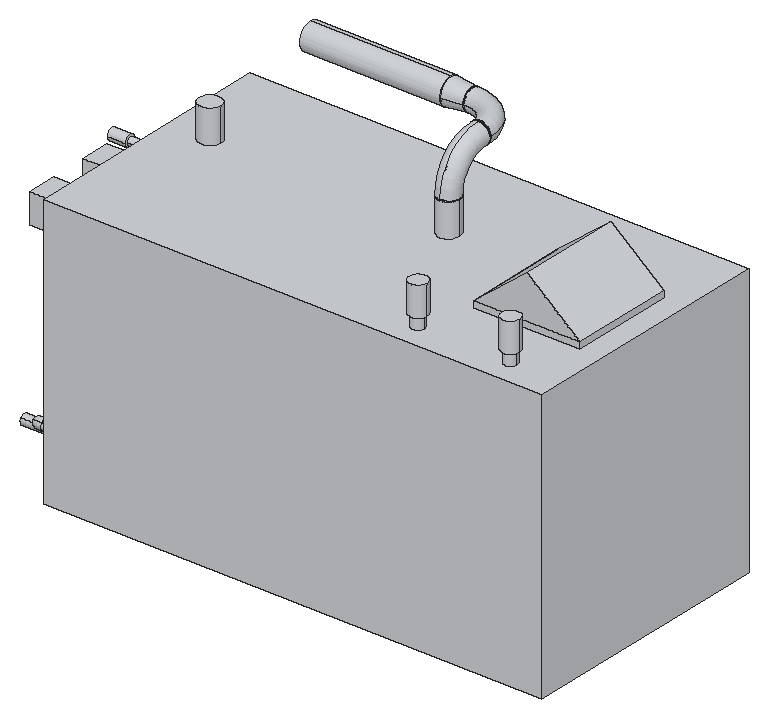
Revit family "AMP_BFIT 2000 Water Heater Dual Fuel 1", category Mechanical Equipment, Revit 2021
Family settings
  Round Connector Dimension = Use Diameter
  Part Type = Normal
  OmniClass Number = 23.75.00.00
  OmniClass Title = Climate Control (HVAC)
  Work Plane-Based = No
  Always vertical = Yes
  Cut with Voids When Loaded = No
  Shared = No
  Room Calculation Point = No
Parameters (values of type "AMP/BFIT 2000 Water Heater Dual Fuel")
  Width = 34 1/4"
  Length = 66 1/8"
  Height = 36 1/8"
  Voltage = ""
  Vent = "8\" EZ Vent"
  Manufacturer = "Bryan Steam"  # constant formula
  Hydronic Supply = "3\" Victaulic"
  Hydronic Return = "2-1/2\" Victaulic"
  Gas Train (Propane) = "1-1/4\" NPT"
  Gas Train (Natural Gas) = "1-1/4\" NPT"
  Default Elevation = 0"
  Condensate Trap = "1\" Pipe"
  Boiler Drain = "3/4\" NPT"
  Air Supply = "8\""
Reference planes (in)
  plane 1 "Center (Front/Back)": y = 0
  plane 2: z = 0
  plane 3 "Center (Left/Right)": x = 0
  plane 4 "Vent": y = 3.75
  plane 5 "Condensate Trap": y = -12
  plane 6 "Supply 2.5" Victualic Elbow Style 10": x = 3.9725
  plane 7 "3" Supply Manifold": z = 45.625
  plane 8 "3" Supply Elbow Victaulic Style 10": y = 14
  plane 9 "Condensate Height": z = 5.75
  plane 10 "Condensate Angle": through (0, -12, 5.75) normal (0, -0.6203, -0.7843)
Forms (in)
  Extrusion 1, solid
    sketch origin (0, 0, 0) x (1, 0, 0) y (0, 1, 0)
      loop
        line (-33.0625, 17.125) -> (-33.0625, -17.125) -> (33.0625, -17.125) -> (33.0625, 17.125) -> (-33.0625, 17.125)
    from 0 to 36.125
  Extrusion 2, solid
    sketch origin (0, 0, 36.125) x (1, 0, 0) y (0, 1, 0)
      loop
        line (15.9665, 6.875) -> (15.9665, -7.125) -> (30.0625, -7.125) -> (30.0625, 6.875) -> (15.9665, 6.875)
    from 0 to 0.85156
  Extrusion 3, solid
    sketch origin (30.0625, -7.125, 36.125) x (-1, 0, 0) y (0, 0, -1)
      loop
        line (14.096, -0.85156) -> (0, -0.85156) -> (7.048, -6.57727) -> (14.096, -0.85156)
    from 0 to -14
  Extrusion 4, solid
    sketch origin (0, 0, 36.125) x (1, 0, 0) y (0, 1, 0)
      loop
        circle (-27.6875, 3.75) r 1.4375
      loop
        circle (3.9725, 3.75) r 1.4375
    from 0 to 4.375
  Extrusion 5, solid
    sketch origin (-33.0625, -17.125, 0) x (0, 1, 0) y (0, 0, -1)
      loop
        circle (28.125, -11.125) r 3.9375
      loop
        circle (28.125, -11.125) r 3.71875
    from 0 to 6.25
  SweptBlend 6, solid
    path origin (0, 0, 45.625) x (1, 0, 0) y (0, 1, 0)
      loop
        line (-1.1525, 12.75286) -> (-3.9525, 12.75286)
    profile origin (-1.1525, 12.75286, 45.625) x (0, -1, 0) y (0, 0, 1)
      loop
        circle (-1.24714, 0) r 1.42969
    end profile origin (-3.9525, 12.75286, 45.625) x (0, -1, 0) y (0, 0, 1)
      loop
        circle (-1.24714, 0) r 1.75
  Extrusion 7, solid
    sketch origin (-3.9525, 14, 45.625) x (0, 0, -1) y (0, -1, 0)
      loop
        circle (0, -0.00256) r 1.75249
    from 0 to 18.60938
  Extrusion 8, solid
    sketch origin (-33.0625, -17.125, 0) x (0, 1, 0) y (0, 0, -1)
      loop
        line (13.595, -35.9375) -> (13.595, -31.9375) -> (9.595, -31.9375) -> (9.595, -35.9375) -> (13.595, -35.9375)
      loop
        line (4.72, -35.937) -> (4.72, -31.937) -> (0.72, -31.937) -> (0.72, -35.937) -> (4.72, -35.937)
    from 0 to 2.48047
  Revolve 9, solid
    sketch origin (0, 3.75, 0) x (-1, 0, 0) y (0, 0, 1)
      loop
        line (41.5625, 25) -> (41.35211, 29.01449) -> (31.61547, 28.50422) -> (31.82586, 24.48972) -> (41.5625, 25)
      axis (31.82586, 24.48972) -> (41.5625, 25)
    angle from 0 to 360
  Extrusion 10, solid
    sketch origin (-33.0625, -17.125, 0) x (0, 1, 0) y (0, 0, -1)
      loop
        circle (20.875, -32.125) r 0.525
    from 0 to 5.25
  Extrusion 11, solid
    sketch origin (0, 0, 36.125) x (1, 0, 0) y (0, 1, 0)
      loop
        circle (13.9375, -13.75) r 0.83
      loop
        circle (26.1875, -13.75) r 0.83
    from 0 to 1.625
  Extrusion 12, solid
    sketch origin (0, 0, 37.75) x (1, 0, 0) y (0, 1, 0)
      loop
        circle (13.9375, -13.75) r 1.1875
      loop
        circle (26.1875, -13.75) r 1.1875
    from 0 to 3.875
  Extrusion 13, solid
    sketch origin (-38.3125, -17.125, 0) x (0, 1, 0) y (0, 0, -1)
      loop
        circle (20.875, -32.125) r 0.75
    from 0 to 2.375
  Sweep 14, solid
    path origin (3.9725, 0, 0) x (0, 1, 0) y (0, 0, 1)
      loop
        line (3.75, 40.5) -> (3.75, 40.625)
        arc (3.75, 40.625) -> (5.21447, 44.16053) -> (8.75, 45.625) r 5
        line (8.75, 45.625) -> (8.875, 45.625)
    profile origin (3.9725, 5.21447, 44.16053) x (0, -0.707107, 0.707107) y (1, 0, 0)
      loop
        circle (0, 0) r 1.4375
  Sweep 15, solid
    path origin (0, 0, 45.625) x (1, 0, 0) y (0, 1, 0)
      loop
        line (3.9725, 8.875) -> (3.9725, 9)
        arc (3.9725, 9) -> (2.50803, 12.53553) -> (-1.0275, 14) r 5
        line (-1.0275, 14) -> (-1.1525, 14)
    profile origin (3.9725, 8.9375, 45.625) x (-1, 0, 0) y (0, 0, 1)
      loop
        circle (0, 0) r 1.4375
  Sweep 16, solid
    path origin (0, -4.18675, -0.4294) x (0, -0.784343, 0.620327) y (-1, 0, 0)
      loop
        line (9.96983, 33.0625) -> (9.96983, 37)
        arc (9.96983, 37) -> (9.53049, 38.06066) -> (8.46983, 38.5) r 1.5
        line (8.46983, 38.5) -> (5.59483, 38.5)
        arc (5.59483, 38.5) -> (4.53416, 38.93934) -> (4.09483, 40) r 1.5
        line (4.09483, 40) -> (4.09483, 43.4375)
    profile origin (-35.03125, -12.00651, 5.75515) x (0, 0.784343, -0.620327) y (0, -0.620327, -0.784343)
      loop
        circle (0, 0) r 0.6575
  Extrusion 17, solid
    sketch origin (-33.0625, -17.125, 0) x (0, 1, 0) y (0, 0, -1)
      loop
        line (33.9375, -16.9375) -> (33.9375, -5.3125) -> (22.3125, -5.3125) -> (22.3125, -16.9375) -> (33.9375, -16.9375)
    from 0 to 4.625
Dimensions and locks (in)
  "Height": Extrusion 1 to level
  equal spacing: Extrusion 1 sketch curve, plane 3 "Center (Left/Right)", Extrusion 1 sketch curve
  "Length": Extrusion 1 sketch curve to Extrusion 1 sketch curve
  equal spacing: Extrusion 1 sketch curve, plane 1 "Center (Front/Back)", Extrusion 1 sketch curve
  "Width": Extrusion 1 sketch curve to Extrusion 1 sketch curve
  locked: Extrusion 2 sketch curve to Extrusion 1 at 3
  locked: Extrusion 2 sketch curve to Extrusion 2 sketch curve at 14.096
  locked: Extrusion 2 sketch curve to Extrusion 2 sketch curve at 14
  locked: Extrusion 2 sketch curve to Extrusion 1 at 10
  locked: Extrusion 1 to Extrusion 4 sketch curve at 13.375  (x2)
  locked: Extrusion 1 to Extrusion 5 sketch curve at 11.125  (x2)
  locked: Extrusion 1 to Extrusion 5 sketch curve at 6.125
  locked: level to plane 7 "3" Supply Manifold" at 45.625
  locked: SweptBlend 6 sketch curve to SweptBlend 6 sketch curve at 2.8
  plane 3 "Center (Left/Right)" to plane 6 "Supply 2.5" Victualic Elbow Style 10" = 3.9725"
  locked: plane 8 "3" Supply Elbow Victaulic Style 10" to plane 1 "Center (Front/Back)" at 14
  locked: plane 4 "Vent" to plane 1 "Center (Front/Back)" at 3.75
  locked: plane 5 "Condensate Trap" to plane 1 "Center (Front/Back)" at 12
  locked: Extrusion 8 sketch curve to Extrusion 8 sketch curve at 4  (x4)
  locked: Revolve 9 sketch curve to Revolve 9 sketch curve at 4.02
  Extrusion 1 to Extrusion 10 sketch curve = 13 3/8"
  Extrusion 1 to Extrusion 10 sketch curve = 32 1/8"
  locked: Extrusion 1 to Extrusion 4 sketch curve at 5.375
  Extrusion 1 to Extrusion 11 sketch curve = 3 3/8"
  locked: Extrusion 11 sketch curve to Extrusion 1 at 19.125
  locked: Extrusion 12 sketch curve to Extrusion 1 at 19.125
  locked: Extrusion 1 to Extrusion 12 sketch curve at 3.375  (x2)
  locked: Extrusion 1 to Extrusion 13 sketch curve at 4
  locked: Extrusion 1 to Extrusion 13 sketch curve at 13.375
  locked: Extrusion 1 to SweptBlend 6 sketch curve at 3.125  (x2)
  locked: SweptBlend 6 sketch curve to Extrusion 1 at 9.5  (x2)
  locked: Sweep 14 sketch curve to Extrusion 4 at 0.125
  locked: Sweep 14 sketch curve to Extrusion 1 at 8.375
  locked: Sweep 14 sketch curve to Sweep 14 sketch curve at 0.125
  locked: Sweep 15 sketch curve to Sweep 15 sketch curve at 0.125  (x2)
  locked: SweptBlend 6 to Sweep 15 sketch curve
  locked: Sweep 15 sketch curve to Sweep 14 at 0
  locked: Extrusion 1 to Extrusion 11 sketch curve at 3.375
  locked: Extrusion 11 sketch curve to Extrusion 1 at 6.875
  locked: Extrusion 12 sketch curve to Extrusion 1 at 6.875
  locked: plane 9 "Condensate Height" to level at 5.75
  locked: Sweep 16 sketch curve to Extrusion 1 at 5.4375
  locked: Sweep 16 sketch curve to Extrusion 1 at 10.375
  locked: Sweep 16 sketch curve to Sweep 16 sketch curve at 5.875
  locked: Extrusion 17 sketch curve to Extrusion 17 sketch curve at 11.625  (x2)
  locked: Extrusion 17 sketch curve to Extrusion 1 at 5.3125
  locked: Extrusion 1 to Extrusion 17 sketch curve at 0.3125
  diameter of Extrusion 5 sketch curve = 7 7/16"
  diameter of Extrusion 5 sketch curve = 7 7/8"
  diameter of Extrusion 13 sketch curve = 1 1/2"
  diameter of Sweep 14 sketch curve = 10"
  diameter of Sweep 14 sketch curve = 2 7/8"
  diameter of Sweep 15 sketch curve = 10"
  diameter of Sweep 15 sketch curve = 2 7/8"
  diameter of Extrusion 11 sketch curve = 1.66"  (x2)
  diameter of Extrusion 12 sketch curve = 2 3/8"  (x2)
  diameter of Sweep 16 sketch curve = 1.315"
  locked: plane 9 "Condensate Height" to plane 10 "Condensate Angle" (angle 38.34°)
  aligned and locked: level to plane 2
Automatic sketch dimensions
  Extrusion 3 sketch curve to Extrusion 2 = 0"  (x3)
  Extrusion 3 sketch curve to Extrusion 2 = 7.048"
  Extrusion 3 sketch curve to Extrusion 2 = 5.72571"
  Extrusion 5 sketch curve to Extrusion 5 sketch curve = 0"
  plane 4 "Vent" to SweptBlend 6 sketch curve = 9.00286"
  Revolve 9 sketch curve to Revolve 9 sketch curve = 5.78139"
  Revolve 9 sketch curve to Revolve 9 sketch curve = 4.32851"
  Revolve 9 sketch curve to Revolve 9 sketch curve = 0.21039"
  Revolve 9 sketch curve to Revolve 9 sketch curve = 0"  (x2)
  Extrusion 4 sketch curve to Extrusion 1 = 29.09"
  Extrusion 1 to Extrusion 8 sketch curve = 0.188"
  Extrusion 8 sketch curve to Extrusion 1 = 0.72"
  Extrusion 1 to Extrusion 8 sketch curve = 3/16"
  Extrusion 8 sketch curve to Extrusion 8 sketch curve = 4 7/8"
  Revolve 9 sketch curve to plane 3 "Center (Left/Right)" = 31.61547"
  Revolve 9 sketch curve to plane 7 "3" Supply Manifold" = 16.61051"
  Revolve 9 sketch curve to Revolve 9 sketch curve = 9.73664"
  SweptBlend 6 sketch curve to plane 3 "Center (Left/Right)" = 3.9525"
  Sweep 14 sketch curve to Sweep 14 sketch curve = 1/8"
  Sweep 14 sketch curve to plane 6 "Supply 2.5" Victualic Elbow Style 10" = 0"
  Sweep 14 sketch curve to profile plane = 0"
  Sweep 15 sketch curve to plane 7 "3" Supply Manifold" = 0"
  Sweep 15 sketch curve to profile plane = 0"
  Sweep 16 sketch curve to plane 3 "Center (Left/Right)" = 40"
  Sweep 16 sketch curve to Sweep 16 sketch curve = 2 7/8"
  Sweep 16 sketch curve to Sweep 16 sketch curve = 3 15/16"
  plane 10 "Condensate Angle" to Sweep 16 sketch curve = 0"
  Sweep 16 sketch curve to profile plane = 0"
  radius of Extrusion 7 sketch curve = 1.75249"
  radius of SweptBlend 6 sketch curve = 1 55/128"
  radius of SweptBlend 6 sketch curve = 1 3/4"
  radius of Extrusion 4 sketch curve = 1 7/16"  (x2)
  radius of Extrusion 10 sketch curve = 0.525"
Connectors (in)
  piping at (-27.6875, 3.75, 40.5), diameter 2.5
    settings: on Extrusion 4, index 2, connector inside diameter 24", connector length 0", flow factor 0, pipe flow 0 GPM, pressure drop 0.00 psi, fitting loss kfactor 0, connector angle 0.00°, fixture units 0, engagement length 0", angle of deflection 0.00°, flow configuration 0, flow direction 1, fitting loss method 0, system type 8, joint type 0, gender type 0, connector reference index -1, connector utility 0, adjustable connector no, is connector primary yes, connector description ""
  piping at (-39.3125, 11, 11.125), diameter 8
    settings: on Extrusion 5, index 4, connector inside diameter 24", connector length 0", flow factor 0, pipe flow 0 GPM, pressure drop 0.00 psi, fitting loss kfactor 0, connector angle 0.00°, fixture units 0, engagement length 0", angle of deflection 0.00°, flow configuration 0, flow direction 1, fitting loss method 0, system type 22, joint type 0, gender type 0, connector reference index -1, connector utility 0, adjustable connector no, is connector primary no, connector description ""
  piping at (-41.5625, 3.75, 25), diameter 8
    settings: on Revolve 9, index 5, connector inside diameter 24", connector length 0", flow factor 0, pipe flow 0 GPM, pressure drop 0.00 psi, fitting loss kfactor 0, connector angle 0.00°, fixture units 0, engagement length 0", angle of deflection 0.00°, flow configuration 0, flow direction 2, fitting loss method 0, system type 17, joint type 0, gender type 0, connector reference index -1, connector utility 0, adjustable connector no, is connector primary no, connector description ""
  piping at (-22.56187, 14.00256, 45.625), diameter 3
    settings: on Extrusion 7, index 8, connector inside diameter 24", connector length 0", flow factor 0, pipe flow 0 GPM, pressure drop 0.00 psi, fitting loss kfactor 0, connector angle 0.00°, fixture units 0, engagement length 0", angle of deflection 0.00°, flow configuration 0, flow direction 2, fitting loss method 0, system type 7, joint type 0, gender type 0, connector reference index -1, connector utility 0, adjustable connector no, is connector primary no, connector description ""
  piping at (13.9375, -13.75, 41.625), diameter 1.25
    settings: on Extrusion 12, index 10, connector inside diameter 24", connector length 0", flow factor 0, pipe flow 0 GPM, pressure drop 0.00 psi, fitting loss kfactor 0, connector angle 0.00°, fixture units 0, engagement length 0", angle of deflection 0.00°, flow configuration 0, flow direction 1, fitting loss method 0, system type 22, joint type 0, gender type 0, connector reference index -1, connector utility 0, adjustable connector no, is connector primary no, connector description ""
  piping at (-40.6875, 3.75, 32.125), diameter 0.75
    settings: on Extrusion 13, index 11, connector inside diameter 24", connector length 0", flow factor 0, pipe flow 0 GPM, pressure drop 0.00 psi, fitting loss kfactor 0, connector angle 0.00°, fixture units 0, engagement length 0", angle of deflection 0.00°, flow configuration 0, flow direction 2, fitting loss method 0, system type 22, joint type 0, gender type 0, connector reference index -1, connector utility 0, adjustable connector no, is connector primary no, connector description ""
  piping at (26.1875, -13.75, 41.625), diameter 1.25
    settings: on Extrusion 12, index 12, connector inside diameter 24", connector length 0", flow factor 0, pipe flow 0 GPM, pressure drop 0.00 psi, fitting loss kfactor 0, connector angle 0.00°, fixture units 0, engagement length 0", angle of deflection 0.00°, flow configuration 0, flow direction 1, fitting loss method 0, system type 22, joint type 0, gender type 0, connector reference index -1, connector utility 0, adjustable connector no, is connector primary no, connector description ""
  piping at (-43.4375, -7.3985, 2.11073), diameter 1
    settings: on Sweep 16, index 13, connector inside diameter 24", connector length 0", flow factor 0, pipe flow 0 GPM, pressure drop 0.00 psi, fitting loss kfactor 0, connector angle 0.00°, fixture units 0, engagement length 0", angle of deflection 0.00°, flow configuration 0, flow direction 2, fitting loss method 0, system type 22, joint type 0, gender type 0, connector reference index -1, connector utility 0, adjustable connector no, is connector primary no, connector description ""
